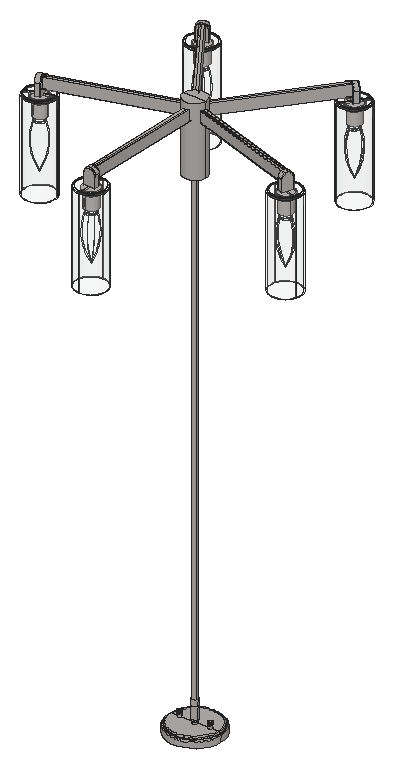
Revit family "Light_Fixture-Chandelier-KOHLER-Crue-K-35878", category Lighting Fixtures, host Face, Revit 2024
Family settings
  Host = Face
  Round Connector Dimension = Use Diameter
  Part Type = Normal
  OmniClass Number = 23.35.47.00
  OmniClass Title = Electrical Lighting
  Cut with Voids When Loaded = No
  Light Source = Yes
  Maintain Annotation Orientation = No
  Shared = No
  Room Calculation Point = No
Parameters (values of type "TTL-Titanium")
  Width = 24.75748"  # constant formula
  Wattage Comments = "200W"  # constant formula
  Wattage = 40 W
  WaterSense Certified = 1 = 0  # no
  built-in parameter 1150110 = 1 (stored number, unit not read)
  Voltage = 120 V  # constant formula
  URL = "https://www.us.kohler.com/us/"
  Type = 5
  Tube Height [instance] = Height - 6.2752"  # 44.57246"
  built-in parameter 1114217 = 1 (stored number, unit not read)
  built-in parameter 1150109 = 1 (stored number, unit not read)
  built-in parameter 1150134 = 1
  built-in parameter 1150113 = 1 (stored number, unit not read)
  Product Page URL = "http://www.us.kohler.com/us/catalog/productDetails.jsp?productNumber=35878-CH05"
  Product Name = "Crue\r\n"  # constant formula
  Product Documentation Link = "https://www.us.kohler.com/webassets/kpna/catalog/pdf/en/K-35878-CH05_spec_US-CA_Kohler_en.pdf"
  Model = if(Type = 1, "K-35878-CH05-2GL", if(Type = 2, "K-35878-CH05-BLL", if(Type = 3, "K-35878-CH05-BNL", if(Type = 4, "K-35878-CH05-CPL", if(Type = 5, "K-35878-CH05-TTL", "NA")))))  # "K-35878-CH05-TTL"
  Material = "Premium Metal Construction\r\n"  # constant formula
  Master Format 2014 Name = "Interior Lighting Fixtures, Lamps, And Ballasts"  # constant formula
  Master Format 2014 = "26 51 13"  # constant formula
  Manufacturer Address = "444 Highland Dr, Kohler, WI 53044"  # constant formula
  Manufacturer = "Kohler Co."  # constant formula
  built-in parameter 1150105 = 63.662 (stored number, unit not read)
  Lumens = 800 lm
  built-in parameter 1150115 = 1 (stored number, unit not read)
  Light Source Symbol Size = 3.14961"  # constant formula
  built-in parameter 1150137 = (empty or 0)
  built-in parameter 1150139 = (empty or 0)
  Length = 23.64567"  # constant formula
  built-in parameter 1150112 = 1 (stored number, unit not read)
  built-in parameter 1150114 = 1 (stored number, unit not read)
  Lamp = "5*E12 Max 40W"  # constant formula
  built-in parameter 1150132 = (empty or 0)
  built-in parameter 1150102 = (empty or 0)
  built-in parameter 1150107 = 6500 (stored number, unit not read)
  built-in parameter 1150138 = (empty or 0)
  built-in parameter 1150106 = 0.63662 (stored number, unit not read)
  Height [instance] = 50 217/256"
  Hardware Included = 1 = 0  # no
  Finish = KOHLER-Metal-TTL-Titanium
  Environmental Product Declaration = ""
  Emit from Line Length = 3"
  Electrical Note = "One Dedicated Circuit Required"  # constant formula
  Electrical Connector = 1 = 1  # yes
  built-in parameter 1150104 = 1.8581 (stored number, unit not read)
  Dimming Lamp Color Temperature Shift = Incandescent Lamp Curve
  Description = "26 Inches CHANDELIER"  # constant formula
  Default Elevation = 0"
  Declare Label = ""
  Date Modified = "03/10/2026"  # constant formula
  Date Created = "01/21/2023"  # constant formula
  Copyright = "Copyright Kohler Co."  # constant formula
  Contact Us = "https://www.us.kohler.com/us/static/contact.jsp"
  Color Filter = 16777215
  built-in parameter 1114218 = 1 (stored number, unit not read)
  built-in parameter 1150133 = 10 (stored number, unit not read)
  Assembly Code = "D5040.50"
  Apparent Load = 200 VA  # constant formula
  ADA Compliant = 1 = 0  # no
Reference planes (in)
  plane 1 "Center (Front/Back)": y = 0
  plane 2: z = 0
  plane 3 "Center (Left/Right)": x = 0
  plane 4: z = 47.72608
  plane 5: z = 50.84766
  plane 6: z = 48.83191
  plane 7: z = 44.57246
  plane 8: z = 40.76104
  plane 9: z = 0.7874
  plane 10: z = 2.67717
  plane 11: y = 10.70069
  plane 12: y = -12.94498
  plane 13: x = -12.37876
  plane 14: x = 12.37872
  plane 15: y = 9.32274
  plane 16: y = 7.94479
  plane 17: y = 2.3622
  plane 18: y = 1.9685
  plane 19: y = 1.37795
  plane 20: y = -2.3622
  plane 21: y = -1.9685
  plane 22: y = -3.57438
  plane 23: y = -4.95233
  plane 24: y = -10.18898
  plane 25: y = -11.56693
  plane 26: x = -11.0008
  plane 27: x = -9.62285
  plane 28: x = -8.17682
  plane 29: x = -6.79887
  plane 30: x = -5.42092
  plane 31: x = -2.3622
  plane 32: x = 2.3622
  plane 33: x = -1.37795
  plane 34: x = 1.37795
  plane 35: x = 5.42092
  plane 36: x = 6.79887
  plane 37: x = 8.17682
  plane 38: x = 9.62285
  plane 39: x = 11.0008
Dimensions and locks (in)
  plane 8 to plane 6 = 8.07087"
  plane 7 to plane 5 = 6.2752"
  plane 8 to plane 7 = 3.81142"
  plane 4 to plane 6 = 1.10583"
  plane 6 to plane 5 = 2.01575"
  "Width": plane 13 to plane 14
  "Length": plane 12 to plane 11
  "Height": plane 5 to level
  "Tube Height": level to plane 7
  locked: plane 10 to level at 2.67717
  locked: level to plane 9 at 0.7874
  aligned and locked: plane 2 to host face
  aligned and locked: level to host face
  aligned and locked: nested 1 to plane 7
  aligned and locked: nested 2 to imposter light  (x2)
  aligned and locked: nested 3 to plane 7
  aligned and locked: nested 4 to plane 7
  aligned and locked: nested 5 to plane 7
  aligned and locked: nested 6 to plane 7
  aligned and locked: nested 2 to plane 7
  aligned and locked: plane 7 to imposter light
Automatic sketch dimensions
  host sketch curve to host sketch curve = 96"  (x2)
Nested families (in)
  nested 1: "K-35878_Tube" at (0, 0, 0) x (0, 1, 0) z (0, 0, 1), type "K-35878_Tube"
  nested 2: "K-35878" at (0, 0, 0.00112) x (-1, 0, 0) z (0, 0, 1), type "K-35878"
  nested 3: "Light_Point_Source" at (-6.79887, 9.32274, 44.57246), type "Light_Point_Source"
  nested 4: "Light_Point_Source" at (6.79887, 9.32274, 44.57246), type "Light_Point_Source"
  nested 5: "Light_Point_Source" at (11.0008, -3.57438, 44.57246), type "Light_Point_Source"
  nested 6: "Light_Point_Source" at (0, -11.56693, 44.57246), type "Light_Point_Source"
Connectors (in)
  electrical at (0, 0, 0), driven by "Voltage", driven by "Apparent Load", driven by "Electrical Note", driven by "Electrical Connector"
    settings: on nested 1, index 1, voltage 120 V, apparent load 200 VA, apparent load phase1 0 VA, apparent load phase2 0 VA, apparent load phase3 0 VA, power factor 1, load classification "Lighting", number of poles 1, system type 30, power factor state 1, is connector primary yes, connector utility yes, sub classification motor no, connector description "One Dedicated Circuit Required"
Definition of nested family "K-35878_Tube"
  Parameters (values of type "K-35878_Tube")
    Tube Height = 44.57126"
    Material = none
    Default Elevation = 0"
  Reference planes (in)
    plane 1 "Light Source Axis (F/B)": y = 0
    plane 2: z = 0
    plane 3 "Light Source Axis (L/R)": x = 0
    plane 4 "Light Source Elevation": z = 54
    plane 5: y = 2.3622
    plane 6: y = -2.3622
    plane 7: x = -2.3622
    plane 8: x = 2.3622
    plane 9: z = 0.7874
    plane 10: z = 2.67717
    plane 11: z = 56.9815
    plane 12: z = 44.57126
    plane 13: z = 46.9815
    plane 14: y = 1.9685
    plane 15: y = -1.9685
    plane 16: y = 1.37795
    plane 17: y = -1.37795
    plane 18: x = -1.37795
    plane 19: z = 0
  Forms (in)
    Revolve 1, solid, material <- "Material", detail levels medium+fine
      sketch origin (0, 0, 0) x (0, 1, 0) y (0, 0, 1)
        loop
          line (0, 0) -> (2.3622, 0) -> (2.3622, 0.5315)
          arc (2.3622, 0.5315) -> (2.34491, 0.57325) -> (2.30315, 0.59055) r 0.05906
          line (2.30315, 0.59055) -> (2.20472, 0.59055)
          arc (2.20472, 0.59055) -> (2.17689, 0.60208) -> (2.16535, 0.62992) r 0.03937
          line (2.16535, 0.62992) -> (2.16535, 0.72835)
          arc (2.16535, 0.72835) -> (2.14806, 0.7701) -> (2.1063, 0.7874) r 0.05906
          line (2.1063, 0.7874) -> (0.23622, 0.7874) -> (0.18701, 0.7874) -> (0, 0.7874) -> (0, 0)
        loop
          line (0, 0.94204) -> (0.18701, 0.94204)
          arc (0.18701, 0.94204) -> (0.26507, 0.99388) -> (0.29528, 1.08259) r 0.14537
          line (0.29528, 1.08259) -> (0.29528, 2.20472) -> (0.24606, 2.20472) -> (0.24606, 2.23622) -> (0.29528, 2.23622) -> (0.29528, 2.67717) -> (0, 2.67717) -> (0, 0.94204)
        axis (0, 0) -> (0, 2.67717)
      angle from 0 to 360
    Revolve 2, solid, material <- "Material", detail levels medium+fine
      sketch origin (0, 0, 0) x (0, 1, 0) y (0, 0, 1)
        loop
          line (1.37795, 0.7874) -> (1.51195, 0.7874)
          arc (1.51195, 0.7874) -> (1.52603, 0.79466) -> (1.52828, 0.81034) r 0.01728
          arc (1.52828, 0.81034) -> (1.51253, 0.97518) -> (1.57426, 1.12883) r 0.35023
          line (1.57426, 1.12883) -> (1.57426, 1.25933) -> (1.37795, 1.25933) -> (1.37795, 0.7874)
        axis (1.37795, 0.7874) -> (1.37795, 1.25933)
      angle from 0 to 360
    Extrusion 3, void
      sketch origin (0, 0, 0) x (0, 1, 0) y (0, 0, 1)
        loop
          line (-0.18701, 1.257) -> (-0.18701, 0.7874) -> (0.18701, 0.7874) -> (0.18701, 1.257) -> (-0.18701, 1.257)
      from 0 to 0.7057
    Revolve 4, solid, material <- "Material", detail levels medium+fine
      sketch origin (0, 0, 0) x (0, 1, 0) y (0, 0, 1)
        loop
          line (0, 0.7874) -> (0.23622, 0.7874) -> (0.23622, 0.82677) -> (0.18701, 0.82677) -> (0.18701, 1.257) -> (0, 1.257) -> (0, 0.7874)
        axis (0, 0.7874) -> (0, 1.257)
      angle from 0 to 360
    Revolve 5, solid, material <- "Material"
      sketch origin (0, 0, 0) x (0, 1, 0) y (0, 0, 1)
        loop
          line (0, 2.67717) -> (0.18403, 2.67717) -> (0.18403, 44.57126) -> (0, 44.57126) -> (0, 2.67717)
        axis (0, 2.67717) -> (0, 44.57126)
      angle from 0 to 360
    Revolve 6, solid, material <- "Material", detail levels coarse
      sketch origin (0, 0, 0) x (0, 1, 0) y (0, 0, 1)
        loop
          line (0, 0) -> (2.3622, 0) -> (2.3622, 0.7874) -> (0.29528, 0.7874) -> (0.29528, 2.67717) -> (0, 2.67717) -> (0, 0)
        axis (0, 0) -> (0, 2.67717)
      angle from 0 to 360
    Revolve 7, solid, material <- "Material", detail levels coarse
      sketch origin (0, 0, 0) x (0, 1, 0) y (0, 0, 1)
        loop
          line (1.37795, 0.74878) -> (1.5748, 0.74878) -> (1.5748, 1.26036) -> (1.37795, 1.26036) -> (1.37795, 0.74878)
        axis (1.37795, 0.74878) -> (1.37795, 1.26036)
      angle from 0 to 360
    Revolve 8, solid, material <- "Material", detail levels coarse
      sketch origin (0, 0, 0) x (0, 1, 0) y (0, 0, 1)
        loop
          line (-1.37795, 1.26036) -> (-1.37795, 0.7874) -> (-1.1811, 0.7874) -> (-1.1811, 1.26036) -> (-1.37795, 1.26036)
        axis (-1.37795, 0.7874) -> (-1.37795, 1.26036)
      angle from 0 to 360
    Extrusion 9, void
      sketch origin (0, 0, 0) x (1, 0, 0) y (0, 1, 0)
        loop
          line (-0.01207, 1.57389) -> (0, 1.54539) -> (0.01207, 1.57389) -> (0.01207, 1.63089) -> (-0.01207, 1.57389)
      from 0.94204 to 1.41914
    Extrusion 10, void
      sketch origin (-0.37982, 0.05338, 0) x (0.961262, -0.275637, 0) y (0.275637, 0.961262, 0)
        loop
          line (-0.01207, 1.57389) -> (0, 1.54539) -> (0.01207, 1.57389) -> (0.01207, 1.63089) -> (-0.01207, 1.57389)
      from 0.94204 to 1.41914
    Extrusion 11, void
      sketch origin (-0.70252, 0.19253, 0) x (0.860276, -0.509829, 0) y (0.509829, 0.860276, 0)
        loop
          line (-0.01207, 1.57389) -> (0, 1.54539) -> (0.01207, 1.57389) -> (0.01207, 1.63089) -> (-0.01207, 1.57389)
      from 0.94204 to 1.41914
    Extrusion 12, void
      sketch origin (-1.00205, 0.4321, 0) x (0.686422, -0.727203, 0) y (0.727203, 0.686422, 0)
        loop
          line (-0.01207, 1.57389) -> (0, 1.54539) -> (0.01207, 1.57389) -> (0.01207, 1.63089) -> (-0.01207, 1.57389)
      from 0.94204 to 1.41914
    Extrusion 13, void
      sketch origin (-1.20731, 0.71376, 0) x (0.482017, -0.876162, 0) y (0.876162, 0.482017, 0)
        loop
          line (-0.01207, 1.57389) -> (0, 1.54539) -> (0.01207, 1.57389) -> (0.01207, 1.63089) -> (-0.01207, 1.57389)
      from 0.94204 to 1.41914
    Extrusion 14, void
      sketch origin (-1.34362, 1.07227, 0) x (0.221841, -0.975083, 0) y (0.975083, 0.221841, 0)
        loop
          line (-0.01207, 1.57389) -> (0, 1.54539) -> (0.01207, 1.57389) -> (0.01207, 1.63089) -> (-0.01207, 1.57389)
      from 0.94204 to 1.41914
    Extrusion 15, void
      sketch origin (-1.37725, 1.42208, 0) x (-0.032025, -0.999487, 0) y (0.999487, -0.032025, 0)
        loop
          line (-0.01207, 1.57389) -> (0, 1.54539) -> (0.01207, 1.57389) -> (0.01207, 1.63089) -> (-0.01207, 1.57389)
      from 0.94204 to 1.41914
    Extrusion 16, void
      sketch origin (-1.31173, 1.79999, 0) x (-0.306281, -0.951941, 0) y (0.951941, -0.306281, 0)
        loop
          line (-0.01207, 1.57389) -> (0, 1.54539) -> (0.01207, 1.57389) -> (0.01207, 1.63089) -> (-0.01207, 1.57389)
      from 0.94204 to 1.41914
    Extrusion 17, void
      sketch origin (-1.11101, 2.19307, 0) x (-0.591539, -0.806276, 0) y (0.806276, -0.591539, 0)
        loop
          line (-0.01207, 1.57389) -> (0, 1.54539) -> (0.01207, 1.57389) -> (0.01207, 1.63089) -> (-0.01207, 1.57389)
      from 0.94204 to 1.41914
    Extrusion 18, void
      sketch origin (-0.8433, 2.46773, 0) x (-0.790864, -0.611992, 0) y (0.611992, -0.790864, 0)
        loop
          line (-0.01207, 1.57389) -> (0, 1.54539) -> (0.01207, 1.57389) -> (0.01207, 1.63089) -> (-0.01207, 1.57389)
      from 0.94204 to 1.41914
    Extrusion 19, void
      sketch origin (-0.54021, 2.6456, 0) x (-0.91995, -0.392037, 0) y (0.392037, -0.91995, 0)
        loop
          line (-0.01207, 1.57389) -> (0, 1.54539) -> (0.01207, 1.57389) -> (0.01207, 1.63089) -> (-0.01207, 1.57389)
      from 0.94204 to 1.41914
    Extrusion 20, void
      sketch origin (-0.16987, 2.74539, 0) x (-0.992372, -0.123277, 0) y (0.123277, -0.992372, 0)
        loop
          line (-0.01207, 1.57389) -> (0, 1.54539) -> (0.01207, 1.57389) -> (0.01207, 1.63089) -> (-0.01207, 1.57389)
      from 0.94204 to 1.41914
    Extrusion 21, void
      sketch origin (0.17864, 2.74428, 0) x (-0.99156, 0.129645, 0) y (-0.129645, -0.99156, 0)
        loop
          line (-0.01207, 1.57389) -> (0, 1.54539) -> (0.01207, 1.57389) -> (0.01207, 1.63089) -> (-0.01207, 1.57389)
      from 0.94204 to 1.41914
    Extrusion 22, void
      sketch origin (0.54833, 2.64211, 0) x (-0.917414, 0.397934, 0) y (-0.397934, -0.917414, 0)
        loop
          line (-0.01207, 1.57389) -> (0, 1.54539) -> (0.01207, 1.57389) -> (0.01207, 1.63089) -> (-0.01207, 1.57389)
      from 0.94204 to 1.41914
    Extrusion 23, void
      sketch origin (0.85027, 2.46229, 0) x (-0.786919, 0.617057, 0) y (-0.617057, -0.786919, 0)
        loop
          line (-0.01207, 1.57389) -> (0, 1.54539) -> (0.01207, 1.57389) -> (0.01207, 1.63089) -> (-0.01207, 1.57389)
      from 0.94204 to 1.41914
    Extrusion 24, void
      sketch origin (1.11622, 2.18592, 0) x (-0.586351, 0.810057, 0) y (-0.810057, -0.586351, 0)
        loop
          line (-0.01207, 1.57389) -> (0, 1.54539) -> (0.01207, 1.57389) -> (0.01207, 1.63089) -> (-0.01207, 1.57389)
      from 0.94204 to 1.41914
    Extrusion 25, void
      sketch origin (1.28186, 1.88352, 0) x (-0.366895, 0.930262, 0) y (-0.930262, -0.366895, 0)
        loop
          line (-0.01207, 1.57389) -> (0, 1.54539) -> (0.01207, 1.57389) -> (0.01207, 1.63089) -> (-0.01207, 1.57389)
      from 0.94204 to 1.41914
    Extrusion 26, void
      sketch origin (1.37155, 1.5106, 0) x (-0.096267, 0.995355, 0) y (-0.995355, -0.096267, 0)
        loop
          line (-0.01207, 1.57389) -> (0, 1.54539) -> (0.01207, 1.57389) -> (0.01207, 1.63089) -> (-0.01207, 1.57389)
      from 0.94204 to 1.41914
    Extrusion 27, void
      sketch origin (1.3605, 1.15935, 0) x (0.158643, 0.987336, 0) y (-0.987336, 0.158643, 0)
        loop
          line (-0.01207, 1.57389) -> (0, 1.54539) -> (0.01207, 1.57389) -> (0.01207, 1.63089) -> (-0.01207, 1.57389)
      from 0.94204 to 1.41914
    Extrusion 28, void
      sketch origin (1.24754, 0.79281, 0) x (0.424644, 0.90536, 0) y (-0.90536, 0.424644, 0)
        loop
          line (-0.01207, 1.57389) -> (0, 1.54539) -> (0.01207, 1.57389) -> (0.01207, 1.63089) -> (-0.01207, 1.57389)
      from 0.94204 to 1.41914
    Extrusion 29, void
      sketch origin (1.06083, 0.49853, 0) x (0.638211, 0.769862, 0) y (-0.769862, 0.638211, 0)
        loop
          line (-0.01207, 1.57389) -> (0, 1.54539) -> (0.01207, 1.57389) -> (0.01207, 1.63089) -> (-0.01207, 1.57389)
      from 0.94204 to 1.41914
    Extrusion 30, void
      sketch origin (0.77734, 0.24019, 0) x (0.82569, 0.564124, 0) y (-0.564124, 0.82569, 0)
        loop
          line (-0.01207, 1.57389) -> (0, 1.54539) -> (0.01207, 1.57389) -> (0.01207, 1.63089) -> (-0.01207, 1.57389)
      from 0.94204 to 1.41914
    Extrusion 31, void
      sketch origin (0.46425, 0.08056, 0) x (0.941535, 0.336915, 0) y (-0.336915, 0.941535, 0)
        loop
          line (-0.01207, 1.57389) -> (0, 1.54539) -> (0.01207, 1.57389) -> (0.01207, 1.63089) -> (-0.01207, 1.57389)
      from 0.94204 to 1.41914
    Revolve 32, solid, material <- "Material", detail levels medium+fine
      sketch origin (0, 0, 0) x (0, -1, 0) y (0, 0, -1)
        loop
          line (1.37795, -0.7874) -> (1.37795, -1.25933) -> (1.57426, -1.25933) -> (1.57426, -1.12883)
          arc (1.57426, -1.12883) -> (1.51253, -0.97518) -> (1.52828, -0.81034) r 0.35023
          arc (1.52828, -0.81034) -> (1.52603, -0.79466) -> (1.51195, -0.7874) r 0.01728
          line (1.51195, -0.7874) -> (1.37795, -0.7874)
        axis (1.37795, -0.7874) -> (1.37795, -1.25933)
      angle from 0 to 360
    Extrusion 33, void
      sketch origin (0, 0, 0) x (1, 0, 0) y (0, 1, 0)
        loop
          line (-0.01207, -1.57389) -> (0.01207, -1.63089) -> (0.01207, -1.57389) -> (0, -1.54539) -> (-0.01207, -1.57389)
      from 0.94204 to 1.41914
    Extrusion 34, void
      sketch origin (-0.37982, -0.05338, 0) x (0.961262, 0.275637, 0) y (-0.275637, 0.961262, 0)
        loop
          line (-0.01207, -1.57389) -> (0.01207, -1.63089) -> (0.01207, -1.57389) -> (0, -1.54539) -> (-0.01207, -1.57389)
      from 0.94204 to 1.41914
    Extrusion 35, void
      sketch origin (-0.70252, -0.19253, 0) x (0.860276, 0.509829, 0) y (-0.509829, 0.860276, 0)
        loop
          line (-0.01207, -1.57389) -> (0.01207, -1.63089) -> (0.01207, -1.57389) -> (0, -1.54539) -> (-0.01207, -1.57389)
      from 0.94204 to 1.41914
    Extrusion 36, void
      sketch origin (-1.00205, -0.4321, 0) x (0.686422, 0.727203, 0) y (-0.727203, 0.686422, 0)
        loop
          line (-0.01207, -1.57389) -> (0.01207, -1.63089) -> (0.01207, -1.57389) -> (0, -1.54539) -> (-0.01207, -1.57389)
      from 0.94204 to 1.41914
    Extrusion 37, void
      sketch origin (-1.20731, -0.71376, 0) x (0.482017, 0.876162, 0) y (-0.876162, 0.482017, 0)
        loop
          line (-0.01207, -1.57389) -> (0.01207, -1.63089) -> (0.01207, -1.57389) -> (0, -1.54539) -> (-0.01207, -1.57389)
      from 0.94204 to 1.41914
    Extrusion 38, void
      sketch origin (-1.34362, -1.07227, 0) x (0.221841, 0.975083, 0) y (-0.975083, 0.221841, 0)
        loop
          line (-0.01207, -1.57389) -> (0.01207, -1.63089) -> (0.01207, -1.57389) -> (0, -1.54539) -> (-0.01207, -1.57389)
      from 0.94204 to 1.41914
    Extrusion 39, void
      sketch origin (-1.37725, -1.42208, 0) x (-0.032025, 0.999487, 0) y (-0.999487, -0.032025, 0)
        loop
          line (-0.01207, -1.57389) -> (0.01207, -1.63089) -> (0.01207, -1.57389) -> (0, -1.54539) -> (-0.01207, -1.57389)
      from 0.94204 to 1.41914
    Extrusion 40, void
      sketch origin (-1.31173, -1.79999, 0) x (-0.306281, 0.951941, 0) y (-0.951941, -0.306281, 0)
        loop
          line (-0.01207, -1.57389) -> (0.01207, -1.63089) -> (0.01207, -1.57389) -> (0, -1.54539) -> (-0.01207, -1.57389)
      from 0.94204 to 1.41914
    Extrusion 41, void
      sketch origin (-1.11101, -2.19307, 0) x (-0.591539, 0.806276, 0) y (-0.806276, -0.591539, 0)
        loop
          line (-0.01207, -1.57389) -> (0.01207, -1.63089) -> (0.01207, -1.57389) -> (0, -1.54539) -> (-0.01207, -1.57389)
      from 0.94204 to 1.41914
    Extrusion 42, void
      sketch origin (-0.8433, -2.46773, 0) x (-0.790864, 0.611992, 0) y (-0.611992, -0.790864, 0)
        loop
          line (-0.01207, -1.57389) -> (0.01207, -1.63089) -> (0.01207, -1.57389) -> (0, -1.54539) -> (-0.01207, -1.57389)
      from 0.94204 to 1.41914
    Extrusion 43, void
      sketch origin (-0.54021, -2.6456, 0) x (-0.91995, 0.392037, 0) y (-0.392037, -0.91995, 0)
        loop
          line (-0.01207, -1.57389) -> (0.01207, -1.63089) -> (0.01207, -1.57389) -> (0, -1.54539) -> (-0.01207, -1.57389)
      from 0.94204 to 1.41914
    Extrusion 44, void
      sketch origin (-0.16987, -2.74539, 0) x (-0.992372, 0.123277, 0) y (-0.123277, -0.992372, 0)
        loop
          line (-0.01207, -1.57389) -> (0.01207, -1.63089) -> (0.01207, -1.57389) -> (0, -1.54539) -> (-0.01207, -1.57389)
      from 0.94204 to 1.41914
    Extrusion 45, void
      sketch origin (0.17864, -2.74428, 0) x (-0.99156, -0.129645, 0) y (0.129645, -0.99156, 0)
        loop
          line (-0.01207, -1.57389) -> (0.01207, -1.63089) -> (0.01207, -1.57389) -> (0, -1.54539) -> (-0.01207, -1.57389)
      from 0.94204 to 1.41914
    Extrusion 46, void
      sketch origin (0.54833, -2.64211, 0) x (-0.917414, -0.397934, 0) y (0.397934, -0.917414, 0)
        loop
          line (-0.01207, -1.57389) -> (0.01207, -1.63089) -> (0.01207, -1.57389) -> (0, -1.54539) -> (-0.01207, -1.57389)
      from 0.94204 to 1.41914
    Extrusion 47, void
      sketch origin (0.85027, -2.46229, 0) x (-0.786919, -0.617057, 0) y (0.617057, -0.786919, 0)
        loop
          line (-0.01207, -1.57389) -> (0.01207, -1.63089) -> (0.01207, -1.57389) -> (0, -1.54539) -> (-0.01207, -1.57389)
      from 0.94204 to 1.41914
    Extrusion 48, void
      sketch origin (1.11622, -2.18592, 0) x (-0.586351, -0.810057, 0) y (0.810057, -0.586351, 0)
        loop
          line (-0.01207, -1.57389) -> (0.01207, -1.63089) -> (0.01207, -1.57389) -> (0, -1.54539) -> (-0.01207, -1.57389)
      from 0.94204 to 1.41914
    Extrusion 49, void
      sketch origin (1.28186, -1.88352, 0) x (-0.366895, -0.930262, 0) y (0.930262, -0.366895, 0)
        loop
          line (-0.01207, -1.57389) -> (0.01207, -1.63089) -> (0.01207, -1.57389) -> (0, -1.54539) -> (-0.01207, -1.57389)
      from 0.94204 to 1.41914
    Extrusion 50, void
      sketch origin (1.37155, -1.5106, 0) x (-0.096267, -0.995355, 0) y (0.995355, -0.096267, 0)
        loop
          line (-0.01207, -1.57389) -> (0.01207, -1.63089) -> (0.01207, -1.57389) -> (0, -1.54539) -> (-0.01207, -1.57389)
      from 0.94204 to 1.41914
    Extrusion 51, void
      sketch origin (1.3605, -1.15935, 0) x (0.158643, -0.987336, 0) y (0.987336, 0.158643, 0)
        loop
          line (-0.01207, -1.57389) -> (0.01207, -1.63089) -> (0.01207, -1.57389) -> (0, -1.54539) -> (-0.01207, -1.57389)
      from 0.94204 to 1.41914
    Extrusion 52, void
      sketch origin (1.24754, -0.79281, 0) x (0.424644, -0.90536, 0) y (0.90536, 0.424644, 0)
        loop
          line (-0.01207, -1.57389) -> (0.01207, -1.63089) -> (0.01207, -1.57389) -> (0, -1.54539) -> (-0.01207, -1.57389)
      from 0.94204 to 1.41914
    Extrusion 53, void
      sketch origin (1.06083, -0.49853, 0) x (0.638211, -0.769862, 0) y (0.769862, 0.638211, 0)
        loop
          line (-0.01207, -1.57389) -> (0.01207, -1.63089) -> (0.01207, -1.57389) -> (0, -1.54539) -> (-0.01207, -1.57389)
      from 0.94204 to 1.41914
    Extrusion 54, void
      sketch origin (0.77734, -0.24019, 0) x (0.82569, -0.564124, 0) y (0.564124, 0.82569, 0)
        loop
          line (-0.01207, -1.57389) -> (0.01207, -1.63089) -> (0.01207, -1.57389) -> (0, -1.54539) -> (-0.01207, -1.57389)
      from 0.94204 to 1.41914
    Extrusion 55, void
      sketch origin (0.46425, -0.08056, 0) x (0.941535, -0.336915, 0) y (0.336915, 0.941535, 0)
        loop
          line (-0.01207, -1.57389) -> (0.01207, -1.63089) -> (0.01207, -1.57389) -> (0, -1.54539) -> (-0.01207, -1.57389)
      from 0.94204 to 1.41914
    Extrusion 56, solid, material <- "Material", detail levels medium+fine
      sketch origin (0, 0, 0) x (1, 0, 0) y (0, 1, 0)
        loop
          circle (0, 0) r 0.18403
      from 0 to 0.21698
  Cuts and joins
    Extrusion 3 cuts Revolve 1
    Extrusion 9, Extrusion 10, Extrusion 11, Extrusion 12, Extrusion 13, Extrusion 14, Extrusion 15, Extrusion 16, Extrusion 17, Extrusion 18, Extrusion 19, Extrusion 20, Extrusion 21, Extrusion 22, Extrusion 23, Extrusion 24, Extrusion 25, Extrusion 26, Extrusion 27, Extrusion 28, Extrusion 29, Extrusion 30, Extrusion 31, Extrusion 33, Extrusion 34, Extrusion 35, Extrusion 36, Extrusion 37, Extrusion 38, Extrusion 39, Extrusion 40, Extrusion 41, Extrusion 42, Extrusion 43, Extrusion 44, Extrusion 45, Extrusion 46, Extrusion 47, Extrusion 48, Extrusion 49, Extrusion 50, Extrusion 51, Extrusion 52, Extrusion 53, Extrusion 54, Extrusion 55 cuts Revolve 2
    Extrusion 33 cuts Revolve 7
    Extrusion 33, Extrusion 34, Extrusion 35, Extrusion 36, Extrusion 37, Extrusion 38, Extrusion 39, Extrusion 40, Extrusion 41, Extrusion 42, Extrusion 43, Extrusion 44, Extrusion 45, Extrusion 46, Extrusion 47, Extrusion 48, Extrusion 49, Extrusion 50, Extrusion 51, Extrusion 52, Extrusion 53, Extrusion 54, Extrusion 55 cuts Revolve 32
  Lines and regions (in)
    Masking region 1
      outline origin (0, 0, 0) x (1, 0, 0) y (0, 0, 1)
        loop
          line (0, 44.57126) -> (-0.18403, 44.57126) -> (-0.18403, 2.67717) -> (-0.29528, 2.67717) -> (-0.29528, 2.23622) -> (-0.24606, 2.23622) -> (-0.24606, 2.20472) -> (-0.29528, 2.20472) -> (-0.29528, 1.08298)
          arc (-0.29528, 1.08298) -> (-0.2651, 0.99413) -> (-0.18704, 0.94204) r 0.14588
          line (-0.18704, 0.94204) -> (-0.18704, 0.82692) -> (-0.23639, 0.82692) -> (-0.23639, 0.7874) -> (-2.10538, 0.7874)
          arc (-2.10538, 0.7874) -> (-2.14714, 0.7701) -> (-2.16443, 0.72835) r 0.05906
          line (-2.16443, 0.72835) -> (-2.16443, 0.63016)
          arc (-2.16443, 0.63016) -> (-2.17596, 0.60232) -> (-2.2038, 0.59079) r 0.03937
          line (-2.2038, 0.59079) -> (-2.30315, 0.59079)
          arc (-2.30315, 0.59079) -> (-2.34491, 0.57349) -> (-2.3622, 0.53173) r 0.05906
          line (-2.3622, 0.53173) -> (-2.3622, 0) -> (0, 0) -> (2.3622, 0) -> (2.3622, 0.53173)
          arc (2.3622, 0.53173) -> (2.34491, 0.57349) -> (2.30315, 0.59079) r 0.05906
          line (2.30315, 0.59079) -> (2.2038, 0.59079)
          arc (2.2038, 0.59079) -> (2.17596, 0.60232) -> (2.16443, 0.63016) r 0.03937
          line (2.16443, 0.63016) -> (2.16443, 0.72835)
          arc (2.16443, 0.72835) -> (2.14714, 0.7701) -> (2.10538, 0.7874) r 0.05906
          line (2.10538, 0.7874) -> (0.23639, 0.7874) -> (0.23639, 0.82692) -> (0.18704, 0.82692) -> (0.18704, 0.94204)
          arc (0.18704, 0.94204) -> (0.2651, 0.99413) -> (0.29528, 1.08298) r 0.14588
          line (0.29528, 1.08298) -> (0.29528, 2.20472) -> (0.24606, 2.20472) -> (0.24606, 2.23622) -> (0.29528, 2.23622) -> (0.29528, 2.67717) -> (0.18403, 2.67717) -> (0.18403, 44.57126) -> (0, 44.57126)
    Masking region 2
      outline origin (0, 0, 0) x (0, 1, 0) y (0, 0, 1)
        loop
          line (0, 0) -> (2.3622, 0) -> (2.3622, 0.5315)
          arc (2.3622, 0.5315) -> (2.34491, 0.57325) -> (2.30315, 0.59055) r 0.05906
          line (2.30315, 0.59055) -> (2.20338, 0.59055)
          arc (2.20338, 0.59055) -> (2.17555, 0.60208) -> (2.16401, 0.62992) r 0.03937
          line (2.16401, 0.62992) -> (2.16401, 0.72835)
          arc (2.16401, 0.72835) -> (2.14672, 0.7701) -> (2.10496, 0.7874) r 0.05906
          line (2.10496, 0.7874) -> (1.51288, 0.7874)
          arc (1.51288, 0.7874) -> (1.5269, 0.79466) -> (1.52935, 0.81026) r 0.01748
          arc (1.52935, 0.81026) -> (1.51531, 0.97452) -> (1.57498, 1.1282) r 0.36492
          line (1.57498, 1.1282) -> (1.57498, 1.22863)
          arc (1.57498, 1.22863) -> (1.56569, 1.25107) -> (1.54326, 1.26036) r 0.03172
          line (1.54326, 1.26036) -> (1.37795, 1.26036) -> (1.21265, 1.26036)
          arc (1.21265, 1.26036) -> (1.19022, 1.25107) -> (1.18092, 1.22863) r 0.03172
          line (1.18092, 1.22863) -> (1.18092, 1.1282)
          arc (1.18092, 1.1282) -> (1.2406, 0.97452) -> (1.22655, 0.81026) r 0.36492
          arc (1.22655, 0.81026) -> (1.229, 0.79466) -> (1.24303, 0.7874) r 0.01748
          line (1.24303, 0.7874) -> (0.23622, 0.7874) -> (0.23622, 0.82677) -> (0.18701, 0.82677) -> (0.18701, 0.93958)
          arc (0.18701, 0.93958) -> (0.26537, 0.99693) -> (0.29528, 1.08933) r 0.15769
          line (0.29528, 1.08933) -> (0.29528, 2.20472) -> (0.24606, 2.20472) -> (0.24606, 2.23655) -> (0.29528, 2.23655) -> (0.29528, 2.67717) -> (0.18403, 2.67717) -> (0.18403, 44.57126) -> (0, 44.57126) -> (-0.18403, 44.57126) -> (-0.18403, 2.67717) -> (-0.29528, 2.67717) -> (-0.29528, 2.23655) -> (-0.24606, 2.23655) -> (-0.24606, 2.20472) -> (-0.29528, 2.20472) -> (-0.29528, 1.08538)
          arc (-0.29528, 1.08538) -> (-0.26525, 0.99458) -> (-0.18701, 0.93958) r 0.1523
          line (-0.18701, 0.93958) -> (-0.18701, 0.82677) -> (-0.23622, 0.82677) -> (-0.23622, 0.7874) -> (-1.24303, 0.7874)
          arc (-1.24303, 0.7874) -> (-1.229, 0.79466) -> (-1.22655, 0.81026) r 0.01748
          arc (-1.22655, 0.81026) -> (-1.2406, 0.97452) -> (-1.18092, 1.1282) r 0.36492
          line (-1.18092, 1.1282) -> (-1.18092, 1.22863)
          arc (-1.18092, 1.22863) -> (-1.19022, 1.25107) -> (-1.21265, 1.26036) r 0.03172
          line (-1.21265, 1.26036) -> (-1.37795, 1.26036) -> (-1.54326, 1.26036)
          arc (-1.54326, 1.26036) -> (-1.56569, 1.25107) -> (-1.57498, 1.22863) r 0.03172
          line (-1.57498, 1.22863) -> (-1.57498, 1.1282)
          arc (-1.57498, 1.1282) -> (-1.51531, 0.97452) -> (-1.52935, 0.81026) r 0.36492
          arc (-1.52935, 0.81026) -> (-1.5269, 0.79466) -> (-1.51288, 0.7874) r 0.01748
          line (-1.51288, 0.7874) -> (-2.10496, 0.7874)
          arc (-2.10496, 0.7874) -> (-2.14672, 0.7701) -> (-2.16401, 0.72835) r 0.05906
          line (-2.16401, 0.72835) -> (-2.16401, 0.62992)
          arc (-2.16401, 0.62992) -> (-2.17555, 0.60208) -> (-2.20338, 0.59055) r 0.03937
          line (-2.20338, 0.59055) -> (-2.30315, 0.59055)
          arc (-2.30315, 0.59055) -> (-2.34491, 0.57325) -> (-2.3622, 0.5315) r 0.05906
          line (-2.3622, 0.5315) -> (-2.3622, 0) -> (0, 0)
    symbolic lines, detail levels medium+fine
      curve 1: line (-2.30315, 0, 0.59079) -> (2.30315, 0, 0.59079)
      curve 2: line (-2.3622, 0, 0.53173) -> (2.3622, 0, 0.53173)
      curve 3: line (-2.16443, 0, 0.72835) -> (2.16443, 0, 0.72835)
      curve 4: line (-0.23622, 0, 0.7874) -> (0.23622, 0, 0.7874)
      curve 5: line (-0.18704, 0, 0.82692) -> (-0.14507, 0, 0.82692)
      curve 6: line (0.18051, 0, 1.257) -> (-0.18051, 0, 1.257)
      curve 7: line (-0.19625, 0, 1.13635) -> (-0.19625, 0, 1.24125)
      curve 8: arc (-0.15195, 0, 0.80439) -> (-0.13531, 0, 0.96586) -> (-0.19092, 0, 1.11835) r 0.36185
      curve 9: arc (-0.14093, 0, 0.7874) -> (-0.15056, 0, 0.79322) -> (-0.15195, 0, 0.80439) r 0.01289
      curve 10: arc (-0.19625, 0, 1.24125) -> (-0.19164, 0, 1.25239) -> (-0.18051, 0, 1.257) r 0.01575
      curve 11: arc (-0.19092, 0, 1.11835) -> (-0.19489, 0, 1.12696) -> (-0.19625, 0, 1.13635) r 0.03304
      curve 12: line (0.19625, 0, 1.13589) -> (0.19625, 0, 1.24125)
      curve 13: arc (0.15195, 0, 0.80439) -> (0.13533, 0, 0.96607) -> (0.19115, 0, 1.11871) r 0.36185
      curve 14: arc (0.14093, 0, 0.7874) -> (0.15056, 0, 0.79322) -> (0.15195, 0, 0.80439) r 0.01289
      curve 15: arc (0.18051, 0, 1.257) -> (0.19164, 0, 1.25239) -> (0.19625, 0, 1.24125) r 0.01575
      curve 16: arc (0.19115, 0, 1.11871) -> (0.19495, 0, 1.12693) -> (0.19625, 0, 1.13589) r 0.0315
      curve 17: line (0.18704, 0, 0.82692) -> (0.14507, 0, 0.82692)
      curve 18: line (-0.18701, 0, 0.94204) -> (-0.13315, 0, 0.94204)
      curve 19: line (0.18704, 0, 0.94204) -> (0.13315, 0, 0.94204)
      curve 20: line (-0.23965, 0, 2.67717) -> (0.23965, 0, 2.67717)
      curve 21: line (-0.24606, 0, 2.23622) -> (0.25861, 0, 2.23622)
      curve 22: line (0.25861, 0, 2.20472) -> (-0.24606, 0, 2.20472)
      curve 23: line (-0.18636, 0, 1.12664) -> (-0.18636, 0, 1.22377)
      curve 24: line (-0.17069, 0, 1.22377) -> (-0.17069, 0, 1.12664)
      curve 25: line (-0.15488, 0, 1.12664) -> (-0.15488, 0, 1.22377)
      curve 26: arc (-0.19625, 0, 1.22377) -> (-0.18998, 0, 1.24153) -> (-0.17545, 0, 1.25349) r 0.03513
      curve 27: arc (-0.18636, 0, 1.22377) -> (-0.17923, 0, 1.24112) -> (-0.16537, 0, 1.25375) r 0.04274
      curve 28: arc (-0.17377, 0, 1.22377) -> (-0.17163, 0, 1.23934) -> (-0.16537, 0, 1.25375) r 0.05767
      curve 29: arc (-0.17069, 0, 1.22377) -> (-0.16461, 0, 1.24251) -> (-0.14867, 0, 1.25409) r 0.03187
      curve 30: arc (-0.15488, 0, 1.22377) -> (-0.15331, 0, 1.23924) -> (-0.14867, 0, 1.25409) r 0.07709
      curve 31: arc (-0.18636, 0, 1.12664) -> (-0.17923, 0, 1.10929) -> (-0.16537, 0, 1.09666) r 0.04274
      curve 32: arc (-0.17377, 0, 1.12664) -> (-0.17163, 0, 1.11107) -> (-0.16537, 0, 1.09666) r 0.05767
      curve 33: arc (-0.17069, 0, 1.12664) -> (-0.16461, 0, 1.1079) -> (-0.14867, 0, 1.09633) r 0.03187
      curve 34: arc (-0.15488, 0, 1.12664) -> (-0.15331, 0, 1.11117) -> (-0.14867, 0, 1.09633) r 0.07709
      curve 35: line (-0.13922, 0, 1.22377) -> (-0.13922, 0, 1.12664)
      curve 36: arc (-0.15181, 0, 1.22377) -> (-0.14468, 0, 1.24112) -> (-0.13082, 0, 1.25375) r 0.04274
      curve 37: arc (-0.13922, 0, 1.22377) -> (-0.13708, 0, 1.23934) -> (-0.13082, 0, 1.25375) r 0.05767
      curve 38: arc (-0.15181, 0, 1.12664) -> (-0.14468, 0, 1.10929) -> (-0.13082, 0, 1.09666) r 0.04274
      curve 39: arc (-0.13922, 0, 1.12664) -> (-0.13708, 0, 1.11107) -> (-0.13082, 0, 1.09666) r 0.05767
      curve 40: line (-0.17377, 0, 1.22377) -> (-0.17377, 0, 1.12664)
      curve 41: line (-0.15181, 0, 1.22377) -> (-0.15181, 0, 1.12664)
      curve 42: arc (-0.18636, 0, 1.22377) -> (-0.18354, 0, 1.2396) -> (-0.17545, 0, 1.25349) r 0.04592
      curve 43: arc (-0.01575, 0, 1.22355) -> (-0.01128, 0, 1.24017) -> (0, 0, 1.25317) r 0.0384
      curve 44: arc (-0.05527, 0, 1.22499) -> (-0.05891, 0, 1.24091) -> (-0.06876, 0, 1.25392) r 0.03882
      curve 45: arc (-0.06876, 0, 1.25392) -> (-0.08233, 0, 1.24221) -> (-0.08568, 0, 1.22461) r 0.02722
      curve 46: line (-0.11478, 0, 1.252) -> (-0.11478, 0, 1.09553)
      curve 47: line (-0.13277, 0, 1.22459) -> (-0.13277, 0, 1.12294)
      curve 48: line (-0.08995, 0, 1.25347) -> (-0.08995, 0, 1.09696)
      curve 49: arc (-0.08995, 0, 1.25347) -> (-0.10426, 0, 1.24128) -> (-0.10848, 0, 1.22295) r 0.02995
      curve 50: line (-0.10848, 0, 1.22295) -> (-0.10848, 0, 1.12749)
      curve 51: line (-0.08568, 0, 1.22461) -> (-0.08568, 0, 1.11713)
      curve 52: line (-0.05527, 0, 1.22499) -> (-0.05527, 0, 1.11675)
      curve 53: line (-0.05244, 0, 1.22459) -> (-0.05244, 0, 1.12294)
      curve 54: line (-0.01976, 0, 1.22459) -> (-0.01976, 0, 1.11715)
      curve 55: line (-0.01575, 0, 1.22355) -> (-0.01575, 0, 1.12585)
      curve 56: arc (-0.13277, 0, 1.22459) -> (-0.12787, 0, 1.24098) -> (-0.11478, 0, 1.252) r 0.02988
      curve 57: arc (-0.05244, 0, 1.22459) -> (-0.04942, 0, 1.23727) -> (-0.04101, 0, 1.24722) r 0.02812
      curve 58: arc (-0.01976, 0, 1.22459) -> (-0.0238, 0, 1.24079) -> (-0.03497, 0, 1.2532) r 0.03451
      curve 59: arc (-0.04101, 0, 1.24722) -> (-0.03777, 0, 1.24999) -> (-0.03497, 0, 1.2532) r 0.02947
      curve 60: arc (-0.13277, 0, 1.12294) -> (-0.12787, 0, 1.10655) -> (-0.11478, 0, 1.09553) r 0.02988
      curve 61: arc (-0.08995, 0, 1.09696) -> (-0.10426, 0, 1.10916) -> (-0.10848, 0, 1.12749) r 0.02995
      curve 62: arc (-0.06876, 0, 1.08782) -> (-0.08233, 0, 1.09953) -> (-0.08568, 0, 1.11713) r 0.02722
      curve 63: arc (-0.05527, 0, 1.11675) -> (-0.05891, 0, 1.10083) -> (-0.06876, 0, 1.08782) r 0.03882
      curve 64: arc (-0.01976, 0, 1.11715) -> (-0.0238, 0, 1.10095) -> (-0.03497, 0, 1.08854) r 0.03451
      curve 65: arc (-0.05244, 0, 1.12294) -> (-0.04782, 0, 1.10365) -> (-0.03497, 0, 1.08854) r 0.0426
      curve 66: arc (-0.01575, 0, 1.12585) -> (-0.01165, 0, 1.10546) -> (0, 0, 1.08825) r 0.05275
      curve 67: line (0.19625, 0, 1.13589) -> (0.19625, 0, 1.24125)
      curve 68: arc (0.19625, 0, 1.24125) -> (0.19164, 0, 1.25239) -> (0.18051, 0, 1.257) r 0.01575
      curve 69: arc (0.19115, 0, 1.11871) -> (0.19489, 0, 1.12694) -> (0.19625, 0, 1.13589) r 0.03304
      curve 70: line (0.18636, 0, 1.12664) -> (0.18636, 0, 1.22377)
      curve 71: line (0.17069, 0, 1.22377) -> (0.17069, 0, 1.12664)
      curve 72: line (0.15488, 0, 1.12664) -> (0.15488, 0, 1.22377)
      curve 73: arc (0.19625, 0, 1.22377) -> (0.18998, 0, 1.24153) -> (0.17545, 0, 1.25349) r 0.03513
      curve 74: arc (0.18636, 0, 1.22377) -> (0.17923, 0, 1.24112) -> (0.16537, 0, 1.25375) r 0.04274
      curve 75: arc (0.17377, 0, 1.22377) -> (0.17163, 0, 1.23934) -> (0.16537, 0, 1.25375) r 0.05767
      curve 76: arc (0.17069, 0, 1.22377) -> (0.16461, 0, 1.24251) -> (0.14867, 0, 1.25409) r 0.03187
      curve 77: arc (0.15488, 0, 1.22377) -> (0.15331, 0, 1.23924) -> (0.14867, 0, 1.25409) r 0.07709
      curve 78: arc (0.18636, 0, 1.12664) -> (0.17923, 0, 1.10929) -> (0.16537, 0, 1.09666) r 0.04274
      curve 79: arc (0.17377, 0, 1.12664) -> (0.17163, 0, 1.11107) -> (0.16537, 0, 1.09666) r 0.05767
      curve 80: arc (0.17069, 0, 1.12664) -> (0.16461, 0, 1.1079) -> (0.14867, 0, 1.09633) r 0.03187
      curve 81: arc (0.15488, 0, 1.12664) -> (0.15331, 0, 1.11117) -> (0.14867, 0, 1.09633) r 0.07709
      curve 82: line (0.13922, 0, 1.22377) -> (0.13922, 0, 1.12664)
      curve 83: arc (0.15181, 0, 1.22377) -> (0.14468, 0, 1.24112) -> (0.13082, 0, 1.25375) r 0.04274
      curve 84: arc (0.13922, 0, 1.22377) -> (0.13708, 0, 1.23934) -> (0.13082, 0, 1.25375) r 0.05767
      curve 85: arc (0.15181, 0, 1.12664) -> (0.14468, 0, 1.10929) -> (0.13082, 0, 1.09666) r 0.04274
      curve 86: arc (0.13922, 0, 1.12664) -> (0.13708, 0, 1.11107) -> (0.13082, 0, 1.09666) r 0.05767
      curve 87: line (0.17377, 0, 1.22377) -> (0.17377, 0, 1.12664)
      curve 88: line (0.15181, 0, 1.22377) -> (0.15181, 0, 1.12664)
      curve 89: arc (0.18636, 0, 1.22377) -> (0.18354, 0, 1.2396) -> (0.17545, 0, 1.25349) r 0.04592
      curve 90: arc (0.01575, 0, 1.22355) -> (0.01128, 0, 1.24017) -> (0, 0, 1.25317) r 0.0384
      curve 91: arc (0.05527, 0, 1.22499) -> (0.05891, 0, 1.24091) -> (0.06876, 0, 1.25392) r 0.03882
      curve 92: arc (0.06876, 0, 1.25392) -> (0.08233, 0, 1.24221) -> (0.08568, 0, 1.22461) r 0.02722
      curve 93: line (0.11478, 0, 1.252) -> (0.11478, 0, 1.09553)
      curve 94: line (0.13277, 0, 1.22459) -> (0.13277, 0, 1.12294)
      curve 95: line (0.08995, 0, 1.25347) -> (0.08995, 0, 1.09696)
      curve 96: arc (0.08995, 0, 1.25347) -> (0.10426, 0, 1.24128) -> (0.10848, 0, 1.22295) r 0.02995
      curve 97: line (0.10848, 0, 1.22295) -> (0.10848, 0, 1.12749)
      curve 98: line (0.08568, 0, 1.22461) -> (0.08568, 0, 1.11713)
      curve 99: line (0.05527, 0, 1.22499) -> (0.05527, 0, 1.11675)
      curve 100: line (0.05244, 0, 1.22459) -> (0.05244, 0, 1.12294)
      curve 101: line (0.01976, 0, 1.22459) -> (0.01976, 0, 1.11715)
      curve 102: line (0.01575, 0, 1.22355) -> (0.01575, 0, 1.12585)
      curve 103: arc (0.13277, 0, 1.22459) -> (0.12787, 0, 1.24098) -> (0.11478, 0, 1.252) r 0.02988
      curve 104: arc (0.01976, 0, 1.22459) -> (0.0238, 0, 1.24079) -> (0.03497, 0, 1.2532) r 0.03451
      curve 105: arc (0.13277, 0, 1.12294) -> (0.12787, 0, 1.10655) -> (0.11478, 0, 1.09553) r 0.02988
      curve 106: arc (0.08995, 0, 1.09696) -> (0.10426, 0, 1.10916) -> (0.10848, 0, 1.12749) r 0.02995
      curve 107: arc (0.06876, 0, 1.08782) -> (0.08233, 0, 1.09953) -> (0.08568, 0, 1.11713) r 0.02722
      curve 108: arc (0.05527, 0, 1.11675) -> (0.05891, 0, 1.10083) -> (0.06876, 0, 1.08782) r 0.03882
      curve 109: arc (0.01976, 0, 1.11715) -> (0.0238, 0, 1.10095) -> (0.03497, 0, 1.08854) r 0.03451
      curve 110: arc (0.05244, 0, 1.12294) -> (0.04782, 0, 1.10365) -> (0.03497, 0, 1.08854) r 0.0426
      curve 111: arc (0.01575, 0, 1.12585) -> (0.01165, 0, 1.10546) -> (0, 0, 1.08825) r 0.05275
      curve 112: arc (0.03497, 0, 1.2532) -> (0.04773, 0, 1.24135) -> (0.05244, 0, 1.22459) r 0.03216
      curve 113: line (-0.15195, 0, 0.80439) -> (0.15195, 0, 0.80439)
      curve 114: line (0, 2.30315, 0.59055) -> (0, -2.30315, 0.59055)
      curve 115: line (0, 2.3622, 0.5315) -> (0, -2.3622, 0.5315)
      curve 116: line (0, 2.16401, 0.72835) -> (0, -2.16401, 0.72835)
      curve 117: line (0, 1.51288, 0.7874) -> (0, 1.194, 0.7874)
      curve 118: line (0, 0.23622, 0.7874) -> (0, -0.23622, 0.7874)
      curve 119: line (0, -1.24303, 0.7874) -> (0, -1.5376, 0.7874)
      curve 120: line (0, 0.18701, 0.82677) -> (0, -0.18701, 0.82677)
      curve 121: line (0, 1.52935, 0.81026) -> (0, 1.22655, 0.81026)
      curve 122: line (0, -1.22655, 0.81026) -> (0, -1.52788, 0.81026)
      curve 123: line (0, 0.18403, 2.67717) -> (0, -0.18403, 2.67717)
      curve 124: line (0, 0.24606, 2.23655) -> (0, -0.25618, 2.23655)
      curve 125: line (0, 0.25611, 2.20472) -> (0, -0.25618, 2.20472)
      curve 126: line (0, 1.39344, 1.2239) -> (0, 1.39344, 1.1267)
      curve 127: line (0, 1.3975, 1.2239) -> (0, 1.3975, 1.1267)
      curve 128: line (0, 1.42651, 1.2239) -> (0, 1.42651, 1.1267)
      curve 129: line (0, 1.43168, 1.1267) -> (0, 1.43168, 1.2239)
      curve 130: line (0, 1.45971, 1.2239) -> (0, 1.45971, 1.1267)
      curve 131: line (0, 1.46291, 1.2239) -> (0, 1.46291, 1.1267)
      curve 132: line (0, 1.48898, 1.1267) -> (0, 1.48898, 1.2239)
      curve 133: line (0, 1.49365, 1.25267) -> (0, 1.49365, 1.09792)
      curve 134: line (0, 1.51455, 1.2239) -> (0, 1.51455, 1.1267)
      curve 135: line (0, 1.51922, 1.2239) -> (0, 1.51922, 1.1267)
      curve 136: line (0, 1.53742, 1.2239) -> (0, 1.53742, 1.1267)
      curve 137: line (0, 1.54037, 1.1267) -> (0, 1.54037, 1.2239)
      curve 138: line (0, 1.55537, 1.2239) -> (0, 1.55537, 1.1267)
      curve 139: line (0, 1.56718, 1.22098) -> (0, 1.56718, 1.12962)
      curve 140: arc (0, 1.39344, 1.2239) -> (0, 1.38933, 1.2404) -> (0, 1.37795, 1.25303) r 0.03514
      curve 141: arc (0, 1.3975, 1.2239) -> (0, 1.40066, 1.2402) -> (0, 1.40971, 1.25412) r 0.04351
      curve 142: arc (0, 1.42651, 1.2239) -> (0, 1.42203, 1.24119) -> (0, 1.40971, 1.25412) r 0.03558
      curve 143: arc (0, 1.43168, 1.2239) -> (0, 1.43384, 1.24031) -> (0, 1.44017, 1.25559) r 0.06339
      curve 144: arc (0, 1.45971, 1.2239) -> (0, 1.45443, 1.24252) -> (0, 1.44017, 1.25559) r 0.03547
      curve 145: arc (0, 1.46291, 1.2239) -> (0, 1.46432, 1.24008) -> (0, 1.46853, 1.25577) r 0.09318
      curve 146: arc (0, 1.48898, 1.2239) -> (0, 1.48342, 1.24283) -> (0, 1.46853, 1.25577) r 0.03506
      curve 147: arc (0, 1.51455, 1.2239) -> (0, 1.50877, 1.24168) -> (0, 1.49365, 1.25267) r 0.03025
      curve 148: arc (0, 1.51922, 1.2239) -> (0, 1.51782, 1.2399) -> (0, 1.51367, 1.25541) r 0.09212
      curve 149: arc (0, 1.51367, 1.25541) -> (0, 1.53082, 1.24363) -> (0, 1.53742, 1.2239) r 0.03277
      curve 150: arc (0, 1.54037, 1.2239) -> (0, 1.53831, 1.2396) -> (0, 1.53225, 1.25422) r 0.06064
      curve 151: arc (0, 1.55537, 1.2239) -> (0, 1.54893, 1.24297) -> (0, 1.53225, 1.25422) r 0.03144
      curve 152: arc (0, 1.55537, 1.2239) -> (0, 1.55314, 1.24083) -> (0, 1.54661, 1.2566) r 0.0654
      curve 153: arc (0, 1.56718, 1.22098) -> (0, 1.56294, 1.24228) -> (0, 1.54661, 1.2566) r 0.03379
      curve 154: arc (0, 1.39344, 1.1267) -> (0, 1.38933, 1.1102) -> (0, 1.37795, 1.09756) r 0.03514
      curve 155: arc (0, 1.3975, 1.1267) -> (0, 1.40066, 1.1104) -> (0, 1.40971, 1.09647) r 0.04351
      curve 156: arc (0, 1.42651, 1.1267) -> (0, 1.42203, 1.1094) -> (0, 1.40971, 1.09647) r 0.03558
      curve 157: arc (0, 1.43168, 1.1267) -> (0, 1.43384, 1.11029) -> (0, 1.44017, 1.095) r 0.06339
      curve 158: arc (0, 1.45971, 1.1267) -> (0, 1.45443, 1.10808) -> (0, 1.44017, 1.095) r 0.03547
      curve 159: arc (0, 1.46291, 1.1267) -> (0, 1.46432, 1.11051) -> (0, 1.46853, 1.09483) r 0.09318
      curve 160: arc (0, 1.48898, 1.1267) -> (0, 1.48342, 1.10776) -> (0, 1.46853, 1.09483) r 0.03506
      curve 161: arc (0, 1.51455, 1.1267) -> (0, 1.50877, 1.10891) -> (0, 1.49365, 1.09792) r 0.03025
      curve 162: arc (0, 1.51922, 1.1267) -> (0, 1.51782, 1.1107) -> (0, 1.51367, 1.09519) r 0.09212
      curve 163: arc (0, 1.51367, 1.09519) -> (0, 1.53082, 1.10697) -> (0, 1.53742, 1.1267) r 0.03277
      curve 164: arc (0, 1.54037, 1.1267) -> (0, 1.53831, 1.111) -> (0, 1.53225, 1.09637) r 0.06064
      curve 165: arc (0, 1.55537, 1.1267) -> (0, 1.54893, 1.10763) -> (0, 1.53225, 1.09637) r 0.03144
      curve 166: arc (0, 1.55537, 1.1267) -> (0, 1.55314, 1.10977) -> (0, 1.54661, 1.09399) r 0.0654
      curve 167: arc (0, 1.56718, 1.12962) -> (0, 1.56294, 1.10831) -> (0, 1.54661, 1.09399) r 0.03379
      curve 168: line (0, 1.36246, 1.2239) -> (0, 1.36246, 1.1267)
      curve 169: line (0, 1.35841, 1.2239) -> (0, 1.35841, 1.1267)
      curve 170: line (0, 1.32939, 1.2239) -> (0, 1.32939, 1.1267)
      curve 171: line (0, 1.32423, 1.1267) -> (0, 1.32423, 1.2239)
      curve 172: line (0, 1.29619, 1.2239) -> (0, 1.29619, 1.1267)
      curve 173: line (0, 1.293, 1.2239) -> (0, 1.293, 1.1267)
      curve 174: line (0, 1.26693, 1.1267) -> (0, 1.26693, 1.2239)
      curve 175: line (0, 1.26226, 1.25267) -> (0, 1.26226, 1.09792)
      curve 176: line (0, 1.24135, 1.2239) -> (0, 1.24135, 1.1267)
      curve 177: line (0, 1.23668, 1.2239) -> (0, 1.23668, 1.1267)
      curve 178: line (0, 1.21848, 1.2239) -> (0, 1.21848, 1.1267)
      curve 179: line (0, 1.21553, 1.1267) -> (0, 1.21553, 1.2239)
      curve 180: line (0, 1.20053, 1.2239) -> (0, 1.20053, 1.1267)
      curve 181: line (0, 1.18873, 1.22098) -> (0, 1.18873, 1.12962)
      curve 182: arc (0, 1.36246, 1.2239) -> (0, 1.36658, 1.2404) -> (0, 1.37795, 1.25303) r 0.03514
      curve 183: arc (0, 1.35841, 1.2239) -> (0, 1.35524, 1.2402) -> (0, 1.3462, 1.25412) r 0.04351
      curve 184: arc (0, 1.32939, 1.2239) -> (0, 1.33388, 1.24119) -> (0, 1.3462, 1.25412) r 0.03558
      curve 185: arc (0, 1.32423, 1.2239) -> (0, 1.32207, 1.24031) -> (0, 1.31574, 1.25559) r 0.06339
      curve 186: arc (0, 1.29619, 1.2239) -> (0, 1.30147, 1.24252) -> (0, 1.31574, 1.25559) r 0.03547
      curve 187: arc (0, 1.293, 1.2239) -> (0, 1.29158, 1.24008) -> (0, 1.28738, 1.25577) r 0.09318
      curve 188: arc (0, 1.26693, 1.2239) -> (0, 1.27248, 1.24283) -> (0, 1.28738, 1.25577) r 0.03506
      curve 189: arc (0, 1.24135, 1.2239) -> (0, 1.24713, 1.24168) -> (0, 1.26226, 1.25267) r 0.03025
      curve 190: arc (0, 1.23668, 1.2239) -> (0, 1.23808, 1.2399) -> (0, 1.24224, 1.25541) r 0.09212
      curve 191: arc (0, 1.24224, 1.25541) -> (0, 1.22509, 1.24363) -> (0, 1.21848, 1.2239) r 0.03277
      curve 192: arc (0, 1.21553, 1.2239) -> (0, 1.2176, 1.2396) -> (0, 1.22366, 1.25422) r 0.06064
      curve 193: arc (0, 1.20053, 1.2239) -> (0, 1.20697, 1.24297) -> (0, 1.22366, 1.25422) r 0.03144
      curve 194: arc (0, 1.20053, 1.2239) -> (0, 1.20276, 1.24083) -> (0, 1.20929, 1.2566) r 0.0654
      curve 195: arc (0, 1.18873, 1.22098) -> (0, 1.19297, 1.24228) -> (0, 1.20929, 1.2566) r 0.03379
      curve 196: arc (0, 1.36246, 1.1267) -> (0, 1.36658, 1.1102) -> (0, 1.37795, 1.09756) r 0.03514
      curve 197: arc (0, 1.35841, 1.1267) -> (0, 1.35524, 1.1104) -> (0, 1.3462, 1.09647) r 0.04351
      curve 198: arc (0, 1.32939, 1.1267) -> (0, 1.33388, 1.1094) -> (0, 1.3462, 1.09647) r 0.03558
      curve 199: arc (0, 1.32423, 1.1267) -> (0, 1.32207, 1.11029) -> (0, 1.31574, 1.095) r 0.06339
      curve 200: arc (0, 1.29619, 1.1267) -> (0, 1.30147, 1.10808) -> (0, 1.31574, 1.095) r 0.03547
      curve 201: arc (0, 1.293, 1.1267) -> (0, 1.29158, 1.11051) -> (0, 1.28738, 1.09483) r 0.09318
      curve 202: arc (0, 1.26693, 1.1267) -> (0, 1.27248, 1.10776) -> (0, 1.28738, 1.09483) r 0.03506
      curve 203: arc (0, 1.24135, 1.1267) -> (0, 1.24713, 1.10891) -> (0, 1.26226, 1.09792) r 0.03025
      curve 204: arc (0, 1.23668, 1.1267) -> (0, 1.23808, 1.1107) -> (0, 1.24224, 1.09519) r 0.09212
      curve 205: arc (0, 1.24224, 1.09519) -> (0, 1.22509, 1.10697) -> (0, 1.21848, 1.1267) r 0.03277
      curve 206: arc (0, 1.21553, 1.1267) -> (0, 1.2176, 1.111) -> (0, 1.22366, 1.09637) r 0.06064
      curve 207: arc (0, 1.20053, 1.1267) -> (0, 1.20697, 1.10763) -> (0, 1.22366, 1.09637) r 0.03144
      curve 208: arc (0, 1.20053, 1.1267) -> (0, 1.20276, 1.10977) -> (0, 1.20929, 1.09399) r 0.0654
      curve 209: arc (0, 1.18873, 1.12962) -> (0, 1.19297, 1.10831) -> (0, 1.20929, 1.09399) r 0.03379
      curve 210: line (0, -1.39344, 1.2239) -> (0, -1.39344, 1.1267)
      curve 211: line (0, -1.3975, 1.2239) -> (0, -1.3975, 1.1267)
      curve 212: line (0, -1.42651, 1.2239) -> (0, -1.42651, 1.1267)
      curve 213: line (0, -1.43168, 1.1267) -> (0, -1.43168, 1.2239)
      curve 214: line (0, -1.45971, 1.2239) -> (0, -1.45971, 1.1267)
      curve 215: line (0, -1.46291, 1.2239) -> (0, -1.46291, 1.1267)
      curve 216: line (0, -1.48898, 1.1267) -> (0, -1.48898, 1.2239)
      curve 217: line (0, -1.49365, 1.25267) -> (0, -1.49365, 1.09792)
      curve 218: line (0, -1.51455, 1.2239) -> (0, -1.51455, 1.1267)
      curve 219: line (0, -1.51922, 1.2239) -> (0, -1.51922, 1.1267)
      curve 220: line (0, -1.53742, 1.2239) -> (0, -1.53742, 1.1267)
      curve 221: line (0, -1.54037, 1.1267) -> (0, -1.54037, 1.2239)
      curve 222: line (0, -1.55537, 1.2239) -> (0, -1.55537, 1.1267)
      curve 223: line (0, -1.56718, 1.22098) -> (0, -1.56718, 1.12962)
      curve 224: arc (0, -1.39344, 1.2239) -> (0, -1.38933, 1.2404) -> (0, -1.37795, 1.25303) r 0.03514
      curve 225: arc (0, -1.3975, 1.2239) -> (0, -1.40066, 1.2402) -> (0, -1.40971, 1.25412) r 0.04351
      curve 226: arc (0, -1.42651, 1.2239) -> (0, -1.42203, 1.24119) -> (0, -1.40971, 1.25412) r 0.03558
      curve 227: arc (0, -1.43168, 1.2239) -> (0, -1.43384, 1.24031) -> (0, -1.44017, 1.25559) r 0.06339
      curve 228: arc (0, -1.45971, 1.2239) -> (0, -1.45443, 1.24252) -> (0, -1.44017, 1.25559) r 0.03547
      curve 229: arc (0, -1.46291, 1.2239) -> (0, -1.46432, 1.24008) -> (0, -1.46853, 1.25577) r 0.09318
      curve 230: arc (0, -1.48898, 1.2239) -> (0, -1.48342, 1.24283) -> (0, -1.46853, 1.25577) r 0.03506
      curve 231: arc (0, -1.51455, 1.2239) -> (0, -1.50877, 1.24168) -> (0, -1.49365, 1.25267) r 0.03025
      curve 232: arc (0, -1.51922, 1.2239) -> (0, -1.51782, 1.2399) -> (0, -1.51367, 1.25541) r 0.09212
      curve 233: arc (0, -1.51367, 1.25541) -> (0, -1.53082, 1.24363) -> (0, -1.53742, 1.2239) r 0.03277
      curve 234: arc (0, -1.54037, 1.2239) -> (0, -1.53831, 1.2396) -> (0, -1.53225, 1.25422) r 0.06064
      curve 235: arc (0, -1.55537, 1.2239) -> (0, -1.54893, 1.24297) -> (0, -1.53225, 1.25422) r 0.03144
      curve 236: arc (0, -1.55537, 1.2239) -> (0, -1.55314, 1.24083) -> (0, -1.54661, 1.2566) r 0.0654
      curve 237: arc (0, -1.56718, 1.22098) -> (0, -1.56294, 1.24228) -> (0, -1.54661, 1.2566) r 0.03379
      curve 238: arc (0, -1.39344, 1.1267) -> (0, -1.38933, 1.1102) -> (0, -1.37795, 1.09756) r 0.03514
      curve 239: arc (0, -1.3975, 1.1267) -> (0, -1.40066, 1.1104) -> (0, -1.40971, 1.09647) r 0.04351
      curve 240: arc (0, -1.42651, 1.1267) -> (0, -1.42203, 1.1094) -> (0, -1.40971, 1.09647) r 0.03558
      curve 241: arc (0, -1.43168, 1.1267) -> (0, -1.43384, 1.11029) -> (0, -1.44017, 1.095) r 0.06339
      curve 242: arc (0, -1.45971, 1.1267) -> (0, -1.45443, 1.10808) -> (0, -1.44017, 1.095) r 0.03547
      curve 243: arc (0, -1.46291, 1.1267) -> (0, -1.46432, 1.11051) -> (0, -1.46853, 1.09483) r 0.09318
      curve 244: arc (0, -1.48898, 1.1267) -> (0, -1.48342, 1.10776) -> (0, -1.46853, 1.09483) r 0.03506
      curve 245: arc (0, -1.51455, 1.1267) -> (0, -1.50877, 1.10891) -> (0, -1.49365, 1.09792) r 0.03025
      curve 246: arc (0, -1.51922, 1.1267) -> (0, -1.51782, 1.1107) -> (0, -1.51367, 1.09519) r 0.09212
      curve 247: arc (0, -1.51367, 1.09519) -> (0, -1.53082, 1.10697) -> (0, -1.53742, 1.1267) r 0.03277
      curve 248: arc (0, -1.54037, 1.1267) -> (0, -1.53831, 1.111) -> (0, -1.53225, 1.09637) r 0.06064
      curve 249: arc (0, -1.55537, 1.1267) -> (0, -1.54893, 1.10763) -> (0, -1.53225, 1.09637) r 0.03144
      curve 250: arc (0, -1.55537, 1.1267) -> (0, -1.55314, 1.10977) -> (0, -1.54661, 1.09399) r 0.0654
      curve 251: arc (0, -1.56718, 1.12962) -> (0, -1.56294, 1.10831) -> (0, -1.54661, 1.09399) r 0.03379
      curve 252: line (0, -1.36246, 1.2239) -> (0, -1.36246, 1.1267)
      curve 253: line (0, -1.35841, 1.2239) -> (0, -1.35841, 1.1267)
      curve 254: line (0, -1.32939, 1.2239) -> (0, -1.32939, 1.1267)
      curve 255: line (0, -1.32423, 1.1267) -> (0, -1.32423, 1.2239)
      curve 256: line (0, -1.29619, 1.2239) -> (0, -1.29619, 1.1267)
      curve 257: line (0, -1.293, 1.2239) -> (0, -1.293, 1.1267)
      curve 258: line (0, -1.26693, 1.1267) -> (0, -1.26693, 1.2239)
